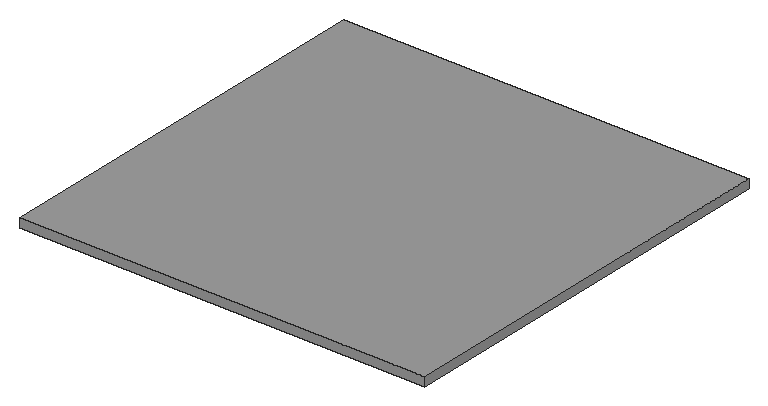
Revit family "WM-MN Unskimmend Family 90mm", category Generic Models, host Ceiling, Revit 2017
Family settings
  Host = Ceiling
  Can host rebar = No
  Round Connector Dimension = Use Diameter
  Part Type = Normal
  Always vertical = Yes
  Cut with Voids When Loaded = No
  Shared = No
  Room Calculation Point = No
Parameters (values of type "Lambdaboard")
  Width = 4000 mm
  URL = "www.rigifoam.com"
  Type Comments = "duncan@rigifoam.com"
  Thermal Resistance = 3.7500 (m²·K)/W
  Thermal Conductivity = 0.0240 W/(m·K)
  Model = "WM/MN Unskimmend 90mm"
  Material = Polyisocyanurate
  Manufacturer = "Lambdaboard"
  Length = 4000 mm
  Description = "Flexible PIR Insulation"
  Depth = 90 mm
  Density = 40.0000 kg/m³
Reference planes
  plane 1 "Center (Front/Back)": y = 0
  plane 2: z = 0
  plane 3 "Center (Left/Right)": x = 0
  plane 4 "Ceiling": z = 4000
Forms (mm)
  Extrusion 1, solid, material "Polyisocyanurate" <- "Material"
    sketch origin (0, 0, 4000) x (0, 1, 0) y (-1, 0, 0)
      loop
        line (2000, 2000) -> (-2000, 2000) -> (-2000, -2000) -> (2000, -2000) -> (2000, 2000)
    from -90 to 0
Dimensions and locks
  equal spacing: host sketch curve, plane 3 "Center (Left/Right)", host sketch curve
  equal spacing: host sketch curve, plane 1 "Center (Front/Back)", host sketch curve
  host sketch curve to host sketch curve = 4000 mm  (x2)
  plane 4 "Ceiling" to host ceiling = 0 mm
  equal spacing: Extrusion 1, plane 3 "Center (Left/Right)", Extrusion 1
  "Length": Extrusion 1 to Extrusion 1
  "Width": Extrusion 1 to Extrusion 1
  "Depth": Extrusion 1 to Extrusion 1
Automatic sketch dimensions
  plane 1 "Center (Front/Back)" to Extrusion 1 sketch curve = 2000 mm
  Extrusion 1 sketch curve to plane 1 "Center (Front/Back)" = 2000 mm
  plane 3 "Center (Left/Right)" to Extrusion 1 sketch curve = 2000 mm
  Extrusion 1 sketch curve to plane 3 "Center (Left/Right)" = 2000 mm
